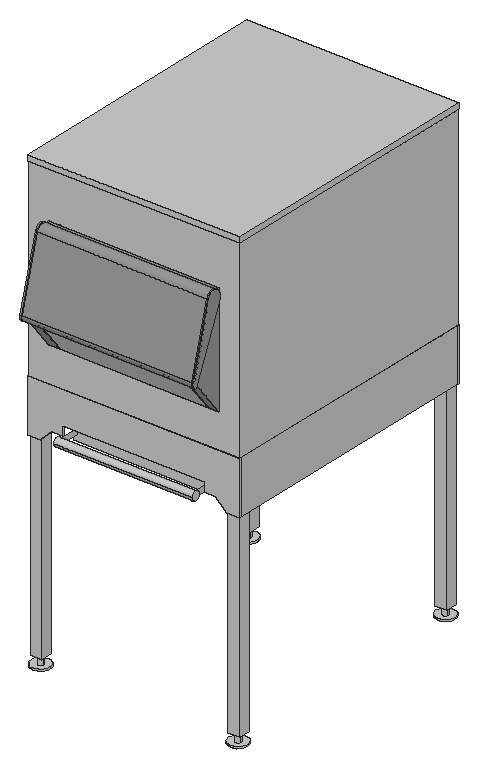
Revit family "QF_HOSHIZAKI_ITS600NS-31", category Specialty Equipment, Revit 2016
Family settings
  Part Type = Normal
  Round Connector Dimension = Use Diameter
  OmniClass Number = 23.40.40.14
  OmniClass Title = Food Service Equipment
  Work Plane-Based = No
  Always vertical = Yes
  Cut with Voids When Loaded = No
  Shared = No
  Room Calculation Point = No
Parameters (values of type "ITS600NS-31")
  Weight = 176.00 kg
  URL Cutsheet = ""
  URL = "www.hoshizaki-europe.com"
  Status [instance] = ""
  Specification by User [instance] = ""
  Specification by Manufacturer [instance] = ""
  Serial Number = ""
  Seismic Rating = ""
  SMACNA No = ""
  Revision Code [instance] = ""
  NAFEM Spec ID Number = ""
  Model = "ITS600NS-31"
  Masterspec = ""
  Manufacturer = "HOSHIZAKI"
  Length Actual = 787 mm
  Item Number [instance] = ""
  Installed By [instance] = ""
  Identify Quantity as Lot [instance] = no
  Height Actual = 1702 mm
  Furnished By [instance] = ""
  Foodservice Equipment Identifier [instance] = yes
  Description = "ICE TRANSPORT SYSTEM, 273KG BIN CAPACITY, SINGLE CART"
  Depth Actual = 1016 mm
  Cost = 0
  CSI MasterFormat = ""
  Assembly Code = "E1090320"
  Accessory = no
Reference planes
  plane 1 "Center (Front/Back)": y = 0
  plane 2: z = 0
  plane 3 "Center (Left/Right)": x = 0
Dimensions and locks
  aligned and locked: level to plane 2
Nested families
  nested 1: "QF_HOSHIZAKI_ITS600NS-31" at (0, 0, 0), type "ITS600NS-31"
    with Show Clearance yes
Definition of nested family "QF_HOSHIZAKI_ITS600NS-31"
  Parameters (values of type "ITS600NS-31")
    URL = "www.hoshizaki-europe.com"
    Show Clearance [instance] = yes
    Model = "ITS600NS-31"
    Manufacturer = "HOSHIZAKI"
    Description = "ICE TRANSPORT SYSTEM, 273KG BIN CAPACITY, SINGLE CART"
    Assembly Code = "E1090320"
  Reference planes
    plane 1 "Back": y = 0
    plane 2: z = 0
    plane 3 "Left": x = 0
    plane 4 "Right": x = 787
    plane 5 "Front": y = -1016
    plane 6 "Top": z = 1702
  Forms (mm)
    Extrusion 1, solid
      sketch origin (44.953, -123.309, 1682) x (1, 0, 0) y (0, 1, 0)
        loop
          line (-44.453, -892.691) -> (741.547, -892.691) -> (741.547, 123.309) -> (-44.453, 123.309) -> (-44.453, -892.691)
      from 0 to 20
    Extrusion 2, solid
      sketch origin (0, 0, 0) x (1, 0, 0) y (0, 1, 0)
        loop
          line (2.5, -2) -> (2.5, -1014) -> (77.5, -1014) -> (77.5, -1004) -> (12.5, -1004) -> (12.5, -12) -> (774.5, -12) -> (774.5, -1004) -> (709.5, -1004) -> (709.5, -1014) -> (784.5, -1014) -> (784.5, -2) -> (2.5, -2)
      from 1682 to 965
    Extrusion 3, solid
      sketch origin (0, 0, 1469) x (1, 0, 0) y (0, 1, 0)
        loop
          line (77.5, -1004) -> (77.5, -1014) -> (709.5, -1014) -> (709.5, -1004) -> (77.5, -1004)
      from 0 to 213
    Extrusion 4, solid
      sketch origin (0, 0, 965) x (1, 0, 0) y (0, 1, 0)
        loop
          line (77.5, -1004) -> (77.5, -1014) -> (709.5, -1014) -> (709.5, -1004) -> (77.5, -1004)
      from 0 to 128.51
    Extrusion 5, solid
      sketch origin (0, 0, 965) x (1, 0, 0) y (0, 1, 0)
        loop
          line (12.5, -12) -> (12.5, -1004) -> (774.5, -1004) -> (774.5, -12) -> (12.5, -12)
      from 0 to 10
    Extrusion 6, solid
      sketch origin (0, 0, 35) x (1, 0, 0) y (0, 1, 0)
        loop
          line (5, -1011) -> (48.5, -1011) -> (48.5, -968) -> (5, -968) -> (5, -1011)
        loop
          line (738.5, -1011) -> (782, -1011) -> (782, -968) -> (738.5, -968) -> (738.5, -1011)
        loop
          line (5, -48) -> (48.5, -48) -> (48.5, -5) -> (5, -5) -> (5, -48)
        loop
          line (738.5, -48) -> (782, -48) -> (782, -5) -> (738.5, -5) -> (738.5, -48)
      from 0 to 930
    Extrusion 7, solid
      sketch origin (0, -1011, 190) x (1, 0, 0) y (0, 0, 1)
        loop
          line (88.5, 619) -> (128.5, 619) -> (128.5, 654) -> (658.5, 654) -> (658.5, 619) -> (698.5, 619) -> (738.5, 579) -> (787, 579) -> (787, 775) -> (0, 775) -> (0, 579) -> (48.5, 579) -> (88.5, 619)
      from 0 to 5
    Extrusion 8, solid
      sketch origin (0, 0, 190) x (1, 0, 0) y (0, 0, 1)
        loop
          line (88.5, 619) -> (128.5, 619) -> (128.5, 654) -> (658.5, 654) -> (658.5, 619) -> (698.5, 619) -> (738.5, 579) -> (787, 579) -> (787, 775) -> (0, 775) -> (0, 579) -> (48.5, 579) -> (88.5, 619)
      from 0 to 5
    Extrusion 9, solid
      sketch origin (0, 0, 190) x (0, 1, 0) y (0, 0, 1)
        loop
          line (-5, 579) -> (-5, 775) -> (-1011, 775) -> (-1011, 579) -> (-5, 579)
      from 0 to 5
    Extrusion 10, solid
      sketch origin (782, 0, 190) x (0, 1, 0) y (0, 0, 1)
        loop
          line (-5, 579) -> (-5, 775) -> (-1011, 775) -> (-1011, 579) -> (-5, 579)
      from 0 to 5
    Extrusion 11, solid
      sketch origin (0, 0, 0) x (1, 0, 0) y (0, 1, 0)
        loop
          circle (760.25, -989.5) r 35
        loop
          circle (26.75, -989.5) r 35
        loop
          circle (760.25, -26.5) r 35
        loop
          circle (26.75, -26.5) r 35
      from 0 to 5
    Extrusion 12, solid
      sketch origin (0, 0, 0) x (1, 0, 0) y (0, 1, 0)
        loop
          circle (26.75, -989.5) r 10
        loop
          circle (760.25, -989.5) r 10
        loop
          circle (26.75, -26.5) r 10
        loop
          circle (760.25, -26.5) r 10
      from 5 to 35
    Extrusion 13, solid
      sketch origin (0, 0, 190) x (1, 0, 0) y (0, 0, 1)
        loop
          line (130.5, 652) -> (130.5, 585.5) -> (656.5, 585.5) -> (656.5, 652) -> (130.5, 652)
      from 968 to 5
    Extrusion 14, solid
      sketch origin (143, 0, 190) x (0, 1, 0) y (0, 0, 1)
        loop
          line (-968, 628.75) -> (-1039.48, 628.75)
          arc (-1039.48, 628.75) -> (-1035.669, 618.75) -> (-1039.48, 608.75) r 15.027
          line (-1039.48, 608.75) -> (-968, 608.75) -> (-968, 628.75)
      from 0 to 2
    Extrusion 15, solid
      sketch origin (644, 0, 190) x (0, 1, 0) y (0, 0, -1)
        loop
          line (-968, -628.75) -> (-968, -608.75) -> (-1039.48, -608.75)
          arc (-1039.48, -608.75) -> (-1035.669, -618.75) -> (-1039.48, -628.75) r 15.027
          line (-1039.48, -628.75) -> (-968, -628.75)
      from 0 to 2
    Extrusion 16, solid
      sketch origin (0, 6.277, 190.666) x (0, 1, 0) y (0, 0, 1)
        loop
          circle (-1056.946, 618.084) r 15
      from 136.522 to 650.901
    Extrusion 17, solid, visible <- "Show Clearance", detail levels coarse
      sketch origin (0, 0, 0) x (0, 1, 0) y (0, 0, 1)
        loop
          line (-1016, 0) -> (-1016, 965) -> (-1847, 965) -> (-1847, 0) -> (-1016, 0)
      from 0 to 787
    Extrusion 18, solid
      sketch origin (77.5, 0, 0) x (0, 1, 0) y (0, 0, 1)
        loop
          line (-1014, 1093.51) -> (-1014, 1506.794) -> (-1132.357, 1245) -> (-1014, 1093.51)
      from 0 to 40
    Extrusion 19, solid
      sketch origin (669.5, 0, 0) x (0, 1, 0) y (0, 0, 1)
        loop
          line (-1014, 1093.51) -> (-1014, 1506.794) -> (-1132.357, 1245) -> (-1014, 1093.51)
      from 0 to 40
    Extrusion 20, solid
      sketch origin (72, 0, 0) x (0, 1, 0) y (0, 0, 1)
        loop
          line (-1131.656, 1224.121) -> (-1020.638, 1473.472)
          arc (-1020.638, 1473.472) -> (-1019.885, 1495.029) -> (-1034.318, 1511.059) r 28.791
          arc (-1034.318, 1511.059) -> (-1056.107, 1511.433) -> (-1070.389, 1494.974) r 25.765
          line (-1070.389, 1494.974) -> (-1141.505, 1245.838)
          arc (-1141.505, 1245.838) -> (-1140.567, 1233.171) -> (-1131.656, 1224.121) r 18.424
      from 0 to 5
    Extrusion 21, solid
      sketch origin (710.147, 0, 0) x (0, 1, 0) y (0, 0, 1)
        loop
          line (-1131.656, 1224.121) -> (-1020.638, 1473.472)
          arc (-1020.638, 1473.472) -> (-1019.885, 1495.029) -> (-1034.318, 1511.059) r 28.791
          arc (-1034.318, 1511.059) -> (-1056.107, 1511.433) -> (-1070.389, 1494.974) r 25.765
          line (-1070.389, 1494.974) -> (-1141.505, 1245.838)
          arc (-1141.505, 1245.838) -> (-1140.567, 1233.171) -> (-1131.656, 1224.121) r 18.424
      from 0 to 5
    Extrusion 22, solid
      sketch origin (0, 0, 0) x (0, 1, 0) y (0, 0, 1)
        loop
          line (-1014, 1093.51) -> (-1004, 1093.51) -> (-1004, 1136.665) -> (-1014, 1136.665) -> (-1119.998, 1272.336) -> (-1132.357, 1245) -> (-1014, 1093.51)
      from 117.5 to 669.5
    Extrusion 23, solid
      sketch origin (71.5, 0, 0) x (0, 1, 0) y (0, 0, 1)
        loop
          line (-1136.96, 1246.729) -> (-1067.773, 1489.107)
          arc (-1067.773, 1489.107) -> (-1043.318, 1507.845) -> (-1024.58, 1483.391) r 21.785
          line (-1024.58, 1483.391) -> (-1014, 1506.794) -> (-1027.917, 1506.794)
          arc (-1027.917, 1506.794) -> (-1052.453, 1512.742) -> (-1070.389, 1494.974) r 25.892
          line (-1070.389, 1494.974) -> (-1141.505, 1245.838)
          arc (-1141.505, 1245.838) -> (-1140.567, 1233.171) -> (-1131.656, 1224.121) r 18.424
          line (-1131.656, 1224.121) -> (-1129.257, 1228.479)
          arc (-1129.257, 1228.479) -> (-1136.275, 1236.267) -> (-1136.96, 1246.729) r 15.987
      from 638 to 5.5
    Extrusion 24, solid, visible <- "Show Clearance", detail levels coarse
      sketch origin (0, 0, 0) x (0, 1, 0) y (0, 0, 1)
        loop
          arc (-1131.656, 1224.121) -> (-1140.567, 1233.171) -> (-1141.505, 1245.838) r 18.424
          line (-1141.505, 1245.838) -> (-1070.225, 1495.549)
          arc (-1070.225, 1495.549) -> (-1061.681, 1508.301) -> (-1047.295, 1513.65) r 24.982
          line (-1047.295, 1513.65) -> (-1016, 1513.65) -> (-1016, 1757.221)
          arc (-1016, 1757.221) -> (-1313.49, 1542.665) -> (-1131.656, 1224.121) r 274.294
      from 72 to 715.147
  Cuts and joins
    joined: Extrusion 2, Extrusion 3, Extrusion 4
  Lines and regions (mm)
    symbolic lines, visible <- "Show Clearance"
      curve 1: line (0, -1847, 0) -> (787, -1847, 0)
      curve 2: line (787, -1847, 0) -> (787, -1016, 0)
      curve 3: line (0, -1016, 0) -> (0, -1847, 0)
    symbolic lines
      curve 4: line (0, 0, 0) -> (787, 0, 0)
      curve 5: line (0, -1016, 0) -> (0, 0, 0)
      curve 6: line (787, -1016, 0) -> (0, -1016, 0)
      curve 7: line (787, 0, 0) -> (787, -1016, 0)
      curve 8: arc (0, -1012.071, 0) -> (-8.25, -989.5, 0) -> (0, -966.929, 0) r 35
      curve 9: arc (3.886, -1016, 0) -> (26.75, -1024.5, 0) -> (49.614, -1016, 0) r 35
      curve 10: arc (0, -3.929, 0) -> (-8.25, -26.5, 0) -> (0, -49.071, 0) r 35
      curve 11: arc (3.886, 0, 0) -> (26.75, 8.5, 0) -> (49.614, 0, 0) r 35
      curve 12: arc (783.114, 0, 0) -> (760.25, 8.5, 0) -> (737.386, 0, 0) r 35
      curve 13: arc (787, -49.071, 0) -> (795.358, -27.035, 0) -> (787, -5, 0) r 33.226
      curve 14: arc (787, -1012.071, 0) -> (795.25, -989.5, 0) -> (787, -966.929, 0) r 35
      curve 15: arc (737.386, -1016, 0) -> (760.25, -1024.5, 0) -> (783.114, -1016, 0) r 35
      curve 16: line (72, -1141.505, 0) -> (715.147, -1141.505, 0)
      curve 17: line (715.147, -1141.505, 0) -> (715.147, -1016, 0)
      curve 18: line (72, -1141.505, 0) -> (72, -1016, 0)
  Dimensions and locks
    aligned and locked: level to plane 2
